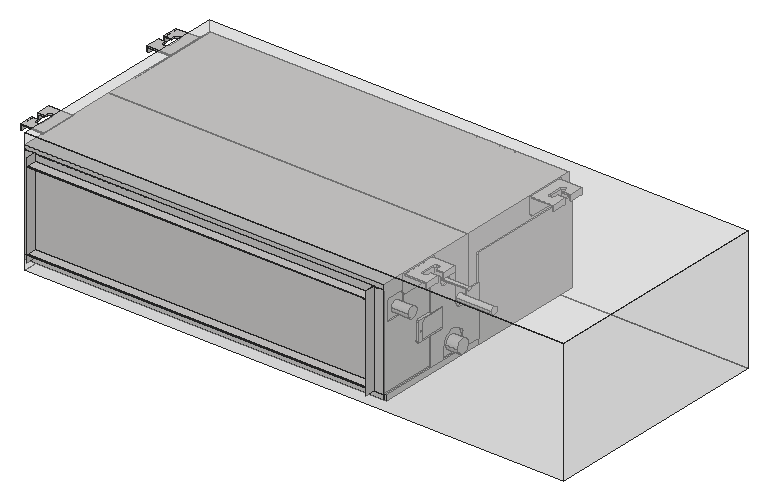
Revit family "outputfile", category 機械設備, Revit 2024
Family settings
  丸型コネクタ寸法 = 半径を使用
  パーツ タイプ = 標準
  OmniClass 番号 = 23.75.10.24.21.27.27
  OmniClass タイトル = Split System Air Conditioning Units
  作業面ベース = いいえ
  常に垂直 = はい
  ロード時にボイドで切り取り = いいえ
  注釈の向きを維持 = いいえ
  共有 = いいえ
  部屋計算ポイント = はい
Parameters (values of type "FXDQ32TV1CA")
  Description = ""
  製造元 = "Daikin"
  書き出し IFC クラス(タイプ) = "IfcUnitaryEquipmentType"
  定義済み IFC タイプ(タイプ) = "AIRCONDITIONINGUNIT"
  Cost = 0
  モデル = "FXDQ32TV1CA"
  Type Comments = ""
  Keynote = ""
  Type Image = (empty or 0)
  Assembly Code = ""
  r_Liquid Pipe Size = Liquid Pipe Size / 2  # 3.2 mm
  r_Gas Pipe Size = Gas Pipe Size / 2  # 6.35 mm
  r_Drain Pipe Size = Drain Pipe Size / 2  # 10.0 mm
  lw_powersuply = 65.0 mm  # constant formula
  lh_suctionflange [instance] = [h***] + 100.5 mm  # 100.5 mm
  lh_mounting = lh_mountinghole + [h***]  # 200.0 mm
  ld_suctionflange [instance] = if(and(Rear Connection_Return Air, Width = 700.0 mm), 94.5 mm, if(and(Rear Connection_Return Air, Width = 900.0 mm), 94.0 mm, if(and(Rear Connection_Return Air, Width = 1100.0 mm), 94.0 mm, 100.5 mm)))  # 94.5 mm
  ld_powersuply = 64.0 mm  # constant formula
  ld_mountinghole_Back = if(Width = 900.0 mm, 169.0 mm, 165.0 mm)  # 165.0 mm
  ld_mountinghole_Front = if(Width = 900.0 mm, 140.0 mm, 144.0 mm)  # 144.0 mm
  ld_RA_below = if(Width = 700.0 mm, 189.0 mm, 188.0 mm)  # 189.0 mm
  ld_RA = if(Width = 700.0 mm, 94.5 mm, 94.0 mm)  # 94.5 mm
  angle_vertical_RA [instance] = if(Rear Connection_Return Air, 90.00°, 0.00°)  # 90.00°
  angle horizontal_RA [instance] = if(Rear Connection_Return Air, 180.00°, 270.00°)  # 180.00°
  Voltage_comment_50Hz = "220-240"
  Voltage_50Hz = 220 V
  URL = ""
  Supply Air Direction [instance] = yes
  Sound Power Level_H speed (dB) = 0
  Rear Connection_Return Air [instance] = not(Bottom Connection_Return Air)  # yes
  Phase_50Hz = 1
  Minimum External Static Pressure = 10.00 Pa
  Minimum Circuit Amps_50Hz = 0.9 A
  Maximum Fuse Amps_50Hz = 15.0 A
  Maximum External Static Pressure = 50.00 Pa
  Material_Casing = DAIKIN_GalvanizedSteel_Casing_indoorunit
  ld_liquidpipe = 142.0 mm  # constant formula
  ld_gaspipe = 181.0 mm  # constant formula
  lw_mountinghole = Width + 52.0 mm  # 752.0 mm
  ld_drainpipe = 28.0 mm  # constant formula
  lh_liquidpipe = 151.0 mm
  lh_gaspipe = 101.0 mm
  lh_mountinghole = 200.0 mm  # constant formula
  lh_drainpipe = 152.0 mm  # constant formula
  h_antenna = Height - lh_mountinghole + 1.0 mm  # 1.0 mm
  h*** = 0.0 mm  # constant formula
  Width = 700.0 mm
  Version = "ver.1.0"
  Unit Type = "Slim Duct (Standard) Type"
  Unit Mass Weight = 18.00 kg
  Unit Designation [instance] = ""
  Uniclass2015Version = "Products v1.30"
  Uniclass2015Title = "Variable refrigerant flow units"
  Uniclass2015Code = "Pr_70_65_03_94"
  Total Heating Capacity [instance] = 0.000 kW
  Total Cooling Capacity [instance] = 0.000 kW
  Sound Pressure Level_M speed (dBA) = 0
  Sound Pressure Level_L speed (dBA) = 28
  Sound Pressure Level_H speed (dBA) = 33
  Series = "VRV Fan Coil Unit"
  Sensible Cooling Capacity [instance] = 0.000 kW
  SA Duct Size Width = if(Width = 900.0 mm, 860.0 mm, if(Width = 1100.0 mm, 1060.0 mm, 660.0 mm))  # 660.0 mm
  SA Duct Size Height = 153.0 mm  # constant formula
  Refrigerant Type = "R410A"
  RA Duct Size Width = if(Width = 900.0 mm, 775.0 mm, if(Width = 1100.0 mm, 975.0 mm, 575.0 mm))  # 575.0 mm
  RA Duct Size Height [instance] = if(Rear Connection_Return Air, 163.0 mm, if(Width = 700.0 mm, 153.0 mm, 152.0 mm))  # 163.0 mm
  Power Input (Heating) = 0.030 kW
  Power Input (Cooling) = 0.040 kW
  Option Accessory 3 [instance] = ""
  Option Accessory 2 [instance] = ""
  Option Accessory 1 [instance] = ""
  Nominal Heating Capacity = 4.000 kW
  Nominal Cooling Capacity = 3.600 kW
  Minimum Airflow = 0.00 m³/h
  Median Airflow = 0.00 m³/h
  Maximum Airflow = 540.00 m³/h
  Load Classification = HVAC
  Liquid Pipe Size = 6.4 mm
  Link_Nested Family [instance] = ""
  IfcVersion = "0"
  IfcExportType = "AIRCONDITIONINGUNIT"
  IfcExportAs = "IfcUnitaryEquipmentType"
  Height = 200.0 mm
  Heating Entering Wet Bulb Temperature [instance] = 0.00 °C
  Heating Entering Dry Bulb Temperature [instance] = 0.00 °C
  Heating Ambient Wet Bulb Temperature [instance] = 0.00 °C
  Heating Ambient Dry Bulb Temperature [instance] = 0.00 °C
  Heat Exchanger Type = "Cross Fin Coil"
  Gas Pipe Size = 12.7 mm
  Frequency_50Hz = 50 Hz
  Fan Type = "Sirocco Fan"
  Fan Drive = "Direct Drive"
  FCU Tag No. [instance] = ""
  Drain Pipe Size = 20.0 mm
  Design Supply Airflow [instance] = 0.00 m³/h
  Design Return Airflow [instance] = 0.00 m³/h
  Design External Static Pressure [instance] = 0.00 Pa
  Depth = 450.0 mm
  既定の高さ = 0.0 mm
  Cooling Entering Wet Bulb Temperature [instance] = 0.00 °C
  Cooling Entering Dry Bulb Temperature [instance] = 0.00 °C
  Cooling Ambient Wet Bulb Temperature [instance] = 0.00 °C
  Cooling Ambient Dry Bulb Temperature [instance] = 0.00 °C
  Clearance visibility [instance] = yes
  Clearance Top = 20.0 mm
  Clearance Right = 350.0 mm
  Clearance Rear = 0.0 mm
  Clearance Left = 0.0 mm
  Clearance Front = 0.0 mm
  Clearance Bottom = 20.0 mm
  Bottom Connection_Return Air [instance] = no
Reference planes
  plane 1 "Center (Front/Back)": y = 0
  plane 2 "Bottom": z = -200
  plane 3 "Center (Left/Right)": x = 0
  plane 4 "Back": y = 225
  plane 5 "Front": y = -225
  plane 6 "Left": x = -350
  plane 7 "Right": x = 350
  plane 8 "Top": z = 0
  plane 9 "BB": y = -20
  plane 10 "condensate water pan": z = -190
  plane 11 "Below": z = -200
  plane 12 "Other components Right": x = 355
  plane 13 "Other components Left": x = 345
  plane 14 "lh_drainpipe": z = -48
  plane 15 "ld_drainpipe": y = -197
  plane 16 "drainpipe": x = 383
  plane 17 "lh_liquidpipe": z = -49
  plane 18 "ld_liquidpipe": y = -83
  plane 19 "ld_gaspipe": y = -44
  plane 20 "lh_gaspipe": z = -99
  plane 21: x = 403
  plane 22: x = 420
  plane 23: x = 374
  plane 24 "w_mountinghole_Left": x = -376
  plane 25 "w_mountinghole_Right": x = 376
  plane 26 "d_mountinghole_Back": y = 165
  plane 27 "d_mountinghole_Front": y = -144
  plane 28 "h_mountinghole": z = 0
  plane 29 "lw_powersuply": x = 285
  plane 30 "ld_powersuply": y = -161
  plane 31 "Clearance Left": x = -350
  plane 32 "Clearance Right": x = 700
  plane 33 "Clearance Rear": y = 225
  plane 34 "Clearance Front": y = -225
  plane 35 "Clearance Bottom": z = -220
  plane 36 "Clearance Top": z = 20
  plane 37 "RA": y = 224
  plane 38: z = -199
  plane 39 "RA_d": y = 130.5
  plane 40 "RA_w": x = -51.5
  plane 41 "RA_h": z = -99.5
  plane 42 "SA_h": z = -99
  plane 43 "RA_dd": y = 36
Forms (mm)
  Extrusion 1, solid, material "DAIKIN_GalvanizedSteel_Casing_indoorunit" <- "Material_Casing"
    sketch origin (0, 0, 100) x (0, 1, 0) y (0, 0, 1)
      loop
        line (-20, -100) -> (-20, -300) -> (225, -300) -> (225, -100) -> (-20, -100)
    from -350 to 350
  Extrusion 2, solid, material "DAIKIN_GalvanizedSteel_Casing_indoorunit" <- "Material_Casing"
    sketch origin (0, 0, 100) x (0, 1, 0) y (0, 0, 1)
      loop
        line (-225, -100) -> (-225, -290) -> (-20, -290) -> (-20, -100) -> (-225, -100)
    from -350 to 350
  Extrusion 3, solid, material "DAIKIN_GalvanizedSteel_Casing_indoorunit" <- "Material_Casing"
    sketch origin (0, 0, 100) x (0, 1, 0) y (0, 0, 1)
      loop
        line (-225, -290) -> (-225, -300) -> (-20, -300) -> (-20, -290) -> (-225, -290)
    from -350 to 350
  Extrusion 4, solid, material "DAIKIN_GalvanizedSteel_Casing_indoorunit" <- "Material_Casing"
    sketch origin (0, 0, 0) x (0, 1, 0) y (0, 0, 1)
      loop
        arc (2, -40) -> (-0.121, -40.879) -> (-1, -43) r 3
        line (-1, -43) -> (-1, -197)
        arc (-1, -197) -> (-0.121, -199.121) -> (2, -200) r 3
        line (2, -200) -> (225, -200) -> (225, -40) -> (2, -40)
    from 350 to 355
  Extrusion 5, solid, material "DAIKIN_GalvanizedSteel_Casing_indoorunit" <- "Material_Casing"
    sketch origin (620, 0, 0) x (0, 1, 0) y (0, 0, 1)
      loop
        line (-225, -190) -> (-225, -200) -> (-2, -200) -> (-2, -193)
        arc (-2, -193) -> (-2.879, -190.879) -> (-5, -190) r 3
        line (-5, -190) -> (-225, -190)
    from -270 to -265
  Extrusion 6, void
    sketch origin (0, 0, 0) x (0, 1, 0) y (0, 0, 1)
      loop
        arc (-145.64, -94.17) -> (-147.761, -95.049) -> (-148.64, -97.17) r 3
        line (-148.64, -97.17) -> (-148.64, -131.17)
        arc (-148.64, -131.17) -> (-147.761, -133.291) -> (-145.64, -134.17) r 3
        line (-145.64, -134.17) -> (-91.78, -134.17)
        arc (-91.78, -134.17) -> (-89.659, -133.291) -> (-88.78, -131.17) r 3
        line (-88.78, -131.17) -> (-88.78, -97.17)
        arc (-88.78, -97.17) -> (-89.659, -95.049) -> (-91.78, -94.17) r 3
        line (-91.78, -94.17) -> (-145.64, -94.17)
    from 345 to 355
  Extrusion 7, void
    sketch origin (460, 0, 0) x (0, 1, 0) y (0, 0, 1)
      loop
        arc (-212.95, -27.05) -> (-216.486, -28.514) -> (-217.95, -32.05) r 5
        line (-217.95, -32.05) -> (-217.95, -63.95)
        arc (-217.95, -63.95) -> (-216.486, -67.486) -> (-212.95, -68.95) r 5
        line (-212.95, -68.95) -> (-181.05, -68.95)
        arc (-181.05, -68.95) -> (-177.514, -67.486) -> (-176.05, -63.95) r 5
        line (-176.05, -63.95) -> (-176.05, -32.05)
        arc (-176.05, -32.05) -> (-177.514, -28.514) -> (-181.05, -27.05) r 5
        line (-181.05, -27.05) -> (-212.95, -27.05)
    from -115 to -105
  Extrusion 8, solid, material "DAIKIN_GalvanizedSteel_Casing_indoorunit" <- "Material_Casing"
    sketch origin (700, 0, 0) x (0, 1, 0) y (0, 0, 1)
      loop
        line (-116.823, -42) -> (-116.823, -190) -> (-87.438, -190) -> (-87.438, -167.881)
        arc (-87.438, -167.881) -> (-62.998, -143.441) -> (-38.558, -167.881) r 24.44
        line (-38.558, -167.881) -> (-38.558, -190) -> (-1, -190) -> (-1, -92.773) -> (-27.497, -92.773)
        arc (-27.497, -92.773) -> (-28.911, -93.359) -> (-29.497, -94.773) r 2
        line (-29.497, -94.773) -> (-29.497, -99)
        arc (-29.497, -99) -> (-43.997, -113.5) -> (-58.497, -99) r 14.5
        line (-58.497, -99) -> (-58.497, -42.3)
        arc (-58.497, -42.3) -> (-59.171, -40.674) -> (-60.797, -40) r 2.3
        line (-60.797, -40) -> (-69, -40)
        arc (-69, -40) -> (-70.414, -40.586) -> (-71, -42) r 2
        line (-71, -42) -> (-71, -49)
        arc (-71, -49) -> (-83, -61) -> (-95, -49) r 12
        line (-95, -49) -> (-95, -42)
        arc (-95, -42) -> (-95.586, -40.586) -> (-97, -40) r 2
        line (-97, -40) -> (-114.823, -40)
        arc (-114.823, -40) -> (-116.237, -40.586) -> (-116.823, -42) r 2
    from -350 to -345
  Extrusion 9, solid, material "DAIKIN_GalvanizedSteel_Casing_indoorunit" <- "Material_Casing"
    sketch origin (0, 0, 0) x (0, 1, 0) y (0, 0, 1)
      loop
        line (-91.78, -95.17) -> (-145.64, -95.17)
        arc (-145.64, -95.17) -> (-147.054, -95.756) -> (-147.64, -97.17) r 2
        line (-147.64, -97.17) -> (-147.64, -131.17)
        arc (-147.64, -131.17) -> (-147.054, -132.584) -> (-145.64, -133.17) r 2
        line (-145.64, -133.17) -> (-91.78, -133.17)
        arc (-91.78, -133.17) -> (-90.366, -132.584) -> (-89.78, -131.17) r 2
        line (-89.78, -131.17) -> (-89.78, -97.17)
        arc (-89.78, -97.17) -> (-90.366, -95.756) -> (-91.78, -95.17) r 2
    from 345 to 355
  Extrusion 10, solid, material "DAIKIN_GalvanizedSteel_Casing_indoorunit" <- "Material_Casing"
    sketch origin (0, 0, 0) x (0, 1, 0) y (0, 0, 1)
      loop
        line (-89.78, -97.67) -> (-136.14, -97.67) -> (-136.14, -130.67) -> (-89.78, -130.67) -> (-89.78, -97.67)
      loop
        circle (-142.64, -114.17) r 1.5
    from 350 to 355
  Extrusion 11, solid, material "DAIKIN_GalvanizedSteel_Casing_indoorunit" <- "Material_Casing"
    sketch origin (0, 0, 0) x (0, 1, 0) y (0, 0, 1)
      loop
        circle (-197, -48) r 10
    from 350 to 383
  Extrusion 12, solid, material "DAIKIN_GalvanizedSteel_Casing_indoorunit" <- "Material_Casing"
    sketch origin (0, 0, 0) x (0, 1, 0) y (0, 0, 1)
      loop
        circle (-83, -49) r 3.2
    from 350 to 403
  Extrusion 13, solid, material "DAIKIN_GalvanizedSteel_Casing_indoorunit" <- "Material_Casing"
    sketch origin (0, 0, 0) x (0, 1, 0) y (0, 0, 1)
      loop
        circle (-44, -99) r 6.35
    from 350 to 420
  Extrusion 14, solid, material "DAIKIN_GalvanizedSteel_Casing_indoorunit" <- "Material_Casing"
    sketch origin (0, 0, 0) x (0, 1, 0) y (0, 0, 1)
      loop
        circle (-62.998, -169) r 13
    from 350 to 374
  Extrusion 15, void
    sketch origin (0, 0, 0) x (1, 0, 0) y (0, 0, 1)
      loop
        line (246, -1) -> (-349, -1) -> (-349, -200) -> (246, -200) -> (246, -1)
    from -225 to -36
  Extrusion 16, solid, material "DAIKIN_GalvanizedSteel_Casing_indoorunit" <- "Material_Casing", visible <- "Bottom Connection_Return Air"
    sketch origin (0, 0, 0) x (1, 0, 0) y (0, 0, 1)
      loop
        line (246, -1) -> (-349, -1) -> (-349, -200) -> (246, -200) -> (246, -1)
    from -225 to -224
  Extrusion 17, solid, material "DAIKIN_GalvanizedSteel_Casing_indoorunit" <- "Material_Casing", visible <- "Rear Connection_Return Air"
    sketch origin (0, 0, 0) x (1, 0, 0) y (0, 1, 0)
      loop
        line (-349, 36) -> (246, 36) -> (246, 225) -> (-349, 225) -> (-349, 36)
    from -200 to -199
Cuts and joins
  Extrusion 6, Extrusion 7 cuts Extrusion 2
  Extrusion 6 cuts Extrusion 8
  Extrusion 15 cuts Extrusion 1
Dimensions and locks
  locked: plane 9 "BB" to plane 1 "Center (Front/Back)" at 20
  equal spacing: plane 4 "Back", plane 1 "Center (Front/Back)", plane 5 "Front"
  "Depth": plane 4 "Back" to plane 5 "Front"
  plane 9 "BB" to plane 4 "Back" = 245.0 mm
  plane 5 "Front" to plane 9 "BB" = 205.0 mm
  equal spacing: plane 6 "Left", plane 3 "Center (Left/Right)", plane 7 "Right"
  "Width": plane 6 "Left" to plane 7 "Right"
  locked: plane 1 "Center (Front/Back)" to plane 9 "BB" at 20
  "h***": plane 11 "Below" to plane 2 "Bottom"
  locked: plane 10 "condensate water pan" to plane 11 "Below" at 10
  "Height": plane 8 "Top" to plane 11 "Below"
  locked: Extrusion 4 sketch curve to plane 4 "Back" at 226
  locked: Extrusion 4 sketch curve to plane 11 "Below" at 160
  locked: plane 7 "Right" to plane 12 "Other components Right" at 5
  locked: plane 13 "Other components Left" to plane 7 "Right" at 5
  "lh_drainpipe": plane 14 "lh_drainpipe" to plane 11 "Below"
  plane 5 "Front" to plane 15 "ld_drainpipe" = 28.0 mm
  "ld_drainpipe": plane 15 "ld_drainpipe" to plane 5 "Front"
  locked: plane 7 "Right" to plane 16 "drainpipe" at 33
  "lh_liquidpipe": plane 17 "lh_liquidpipe" to plane 11 "Below"
  "ld_liquidpipe": plane 18 "ld_liquidpipe" to plane 5 "Front"
  "ld_gaspipe": plane 19 "ld_gaspipe" to plane 5 "Front"
  plane 5 "Front" to plane 18 "ld_liquidpipe" = 142.0 mm
  plane 5 "Front" to plane 19 "ld_gaspipe" = 181.0 mm
  "lh_gaspipe": plane 20 "lh_gaspipe" to plane 11 "Below"
  locked: plane 7 "Right" to plane 21 at 53
  locked: plane 7 "Right" to plane 22 at 70
  locked: plane 7 "Right" to plane 23 at 24
  equal spacing: plane 24 "w_mountinghole_Left", plane 3 "Center (Left/Right)", plane 25 "w_mountinghole_Right"
  "lw_mountinghole": plane 24 "w_mountinghole_Left" to plane 25 "w_mountinghole_Right"
  plane 26 "d_mountinghole_Back" to plane 27 "d_mountinghole_Front" = 309.0 mm
  "lh_mountinghole": plane 28 "h_mountinghole" to plane 11 "Below"
  "lw_powersuply": plane 29 "lw_powersuply" to plane 7 "Right"
  "ld_powersuply": plane 5 "Front" to plane 30 "ld_powersuply"
  "Clearance Rear": plane 33 "Clearance Rear" to plane 4 "Back"
  "Clearance Front": plane 5 "Front" to plane 34 "Clearance Front"
  "Clearance Bottom": plane 11 "Below" to plane 35 "Clearance Bottom"
  "Clearance Top": plane 36 "Clearance Top" to plane 8 "Top"
  "Clearance Left": plane 31 "Clearance Left" to plane 6 "Left"
  "Clearance Right": plane 7 "Right" to plane 32 "Clearance Right"
  locked: cut or joined group of Extrusion 1, Extrusion 15 to plane 6 "Left" at 1
  locked: plane 7 "Right" to cut or joined group of Extrusion 1, Extrusion 15 at 104
  locked: plane 4 "Back" to plane 37 "RA" at 1
  locked: plane 6 "Left" to Extrusion 17 sketch curve at 1
  locked: Extrusion 17 sketch curve to plane 7 "Right" at 104
  locked: plane 38 to plane 11 "Below" at 1
  locked: plane 40 "RA_w" to plane 3 "Center (Left/Right)" at 51.5
  "ld_RA": plane 39 "RA_d" to plane 4 "Back"
  locked: plane 11 "Below" to plane 41 "RA_h" at 100.5
  locked: plane 11 "Below" to plane 42 "SA_h" at 101
  "ld_mountinghole_Back": plane 26 "d_mountinghole_Back" to plane 1 "Center (Front/Back)"
  "ld_mountinghole_Front": plane 27 "d_mountinghole_Front" to plane 1 "Center (Front/Back)"
  "ld_RA_below": plane 4 "Back" to plane 43 "RA_dd"
  "r_Liquid Pipe Size": radius of Extrusion 12 sketch curve
  "r_Gas Pipe Size": radius of Extrusion 13 sketch curve
  "r_Drain Pipe Size": radius of Extrusion 11 sketch curve
  aligned and locked: Extrusion 1 sketch curve to plane 8 "Top"
  aligned and locked: Extrusion 1 sketch curve to plane 9 "BB"
  aligned and locked: Extrusion 1 sketch curve to plane 4 "Back"
  aligned and locked: Extrusion 2 sketch curve to plane 9 "BB"
  aligned and locked: Extrusion 2 sketch curve to plane 8 "Top"
  aligned and locked: plane 5 "Front" to Extrusion 2 sketch curve
  aligned and locked: Extrusion 1 to plane 6 "Left"
  aligned and locked: plane 7 "Right" to Extrusion 1
  aligned and locked: Extrusion 2 to plane 6 "Left"
  aligned and locked: plane 7 "Right" to Extrusion 2
  aligned and locked: plane 10 "condensate water pan" to Extrusion 2 sketch curve
  aligned and locked: Extrusion 3 sketch curve to plane 10 "condensate water pan"
  aligned and locked: plane 5 "Front" to Extrusion 3 sketch curve
  aligned and locked: plane 9 "BB" to Extrusion 3 sketch curve
  aligned and locked: Extrusion 3 to plane 6 "Left"
  aligned and locked: plane 7 "Right" to Extrusion 3
  aligned and locked: plane 11 "Below" to Extrusion 3
  aligned and locked: Extrusion 1 to plane 11 "Below"
  aligned and locked: plane 11 "Below" to Extrusion 4 sketch curve
  aligned and locked: Extrusion 4 sketch curve to plane 4 "Back"
  aligned and locked: Extrusion 4 to plane 7 "Right"
  aligned and locked: plane 12 "Other components Right" to Extrusion 4
  aligned and locked: Extrusion 5 sketch curve to plane 10 "condensate water pan"
  aligned and locked: plane 5 "Front" to Extrusion 5 sketch curve
  aligned and locked: plane 11 "Below" to Extrusion 5 sketch curve
  aligned and locked: Extrusion 5 to plane 7 "Right"
  aligned and locked: plane 12 "Other components Right" to Extrusion 5
  aligned and locked: Extrusion 8 to plane 7 "Right"
  aligned and locked: plane 12 "Other components Right" to Extrusion 8
  aligned and locked: Extrusion 6 to plane 13 "Other components Left"
  aligned and locked: Extrusion 7 to plane 13 "Other components Left"
  aligned and locked: plane 12 "Other components Right" to Extrusion 7
  aligned and locked: plane 12 "Other components Right" to Extrusion 6
  aligned and locked: Extrusion 10 to plane 7 "Right"
  aligned and locked: Extrusion 9 to plane 13 "Other components Left"
  aligned and locked: plane 16 "drainpipe" to Extrusion 11
  aligned and locked: Extrusion 11 to plane 7 "Right"
  aligned and locked: plane 12 "Other components Right" to Extrusion 9
  aligned and locked: plane 12 "Other components Right" to Extrusion 10
  aligned and locked: Extrusion 12 to plane 7 "Right"
  aligned and locked: plane 21 to Extrusion 12
  aligned and locked: Extrusion 13 sketch curve to plane 19 "ld_gaspipe"
  aligned and locked: plane 20 "lh_gaspipe" to Extrusion 13 sketch curve
  aligned and locked: Extrusion 12 sketch curve to plane 18 "ld_liquidpipe"
  aligned and locked: plane 17 "lh_liquidpipe" to Extrusion 12 sketch curve
  aligned and locked: plane 14 "lh_drainpipe" to Extrusion 11 sketch curve
  aligned and locked: Extrusion 11 sketch curve to plane 15 "ld_drainpipe"
  aligned and locked: Extrusion 13 to plane 7 "Right"
  aligned and locked: plane 22 to Extrusion 13
  aligned and locked: Extrusion 14 to plane 7 "Right"
  aligned and locked: plane 23 to Extrusion 14
  aligned and locked: plane 25 "w_mountinghole_Right" to nested 2
  aligned and locked: nested 2 to plane 26 "d_mountinghole_Back"
  aligned and locked: plane 28 "h_mountinghole" to nested 2
  aligned and locked: plane 27 "d_mountinghole_Front" to nested 3
  aligned and locked: plane 25 "w_mountinghole_Right" to nested 3
  aligned and locked: plane 24 "w_mountinghole_Left" to nested 4
  aligned and locked: plane 26 "d_mountinghole_Back" to nested 4
  aligned and locked: plane 24 "w_mountinghole_Left" to nested 5
  aligned and locked: nested 5 to plane 27 "d_mountinghole_Front"
  aligned and locked: plane 28 "h_mountinghole" to nested 4
  aligned and locked: plane 28 "h_mountinghole" to nested 5
  aligned and locked: plane 28 "h_mountinghole" to nested 3
  aligned and locked: plane 24 "w_mountinghole_Left" to nested 1
  aligned and locked: nested 1 to plane 26 "d_mountinghole_Back"
  aligned and locked: plane 27 "d_mountinghole_Front" to nested 6
  aligned and locked: plane 24 "w_mountinghole_Left" to nested 6
  aligned and locked: nested 7 to plane 25 "w_mountinghole_Right"
  aligned and locked: nested 7 to plane 26 "d_mountinghole_Back"
  aligned and locked: plane 27 "d_mountinghole_Front" to nested 8
  aligned and locked: nested 8 to plane 25 "w_mountinghole_Right"
  aligned and locked: plane 15 "ld_drainpipe" to nested 9
  aligned and locked: plane 7 "Right" to nested 9
  aligned and locked: plane 14 "lh_drainpipe" to nested 9
  aligned and locked: plane 7 "Right" to nested 11
  aligned and locked: plane 7 "Right" to nested 10
  aligned and locked: plane 18 "ld_liquidpipe" to nested 10
  aligned and locked: plane 19 "ld_gaspipe" to nested 11
  aligned and locked: nested 10 to plane 17 "lh_liquidpipe"
  aligned and locked: nested 11 to plane 20 "lh_gaspipe"
  aligned and locked: plane 31 "Clearance Left" to nested 12
  aligned and locked: plane 33 "Clearance Rear" to nested 12
  aligned and locked: plane 34 "Clearance Front" to nested 12
  aligned and locked: nested 12 to plane 32 "Clearance Right"
  aligned and locked: plane 36 "Clearance Top" to nested 12
  aligned and locked: plane 35 "Clearance Bottom" to nested 12
  aligned and locked: nested 13 to plane 29 "lw_powersuply"
  aligned and locked: plane 30 "ld_powersuply" to nested 13
  aligned and locked: nested 13 to plane 20 "lh_gaspipe"
  aligned and locked: plane 3 "Center (Left/Right)" to nested 14
  aligned and locked: plane 1 "Center (Front/Back)" to nested 14
  aligned and locked: plane 1 "Center (Front/Back)" to nested 15
  aligned and locked: nested 15 to plane 11 "Below"
  aligned and locked: plane 3 "Center (Left/Right)" to nested 16
  aligned and locked: plane 3 "Center (Left/Right)" to nested 17
  aligned and locked: plane 8 "Top" to nested 16
  aligned and locked: plane 4 "Back" to Extrusion 15
  aligned and locked: plane 4 "Back" to Extrusion 16
  aligned and locked: Extrusion 16 to plane 37 "RA"
  aligned and locked: Extrusion 17 to plane 11 "Below"
  aligned and locked: plane 38 to Extrusion 17
  aligned and locked: plane 39 "RA_d" to nested 18
  aligned and locked: plane 1 "Center (Front/Back)" to nested 19
  aligned and locked: plane 3 "Center (Left/Right)" to nested 19
  aligned and locked: plane 42 "SA_h" to nested 19
  aligned and locked: nested 16 to plane 37 "RA"
  aligned and locked: nested 16 to plane 4 "Back"
  aligned and locked: nested 17 to plane 38
  aligned and locked: nested 17 to plane 37 "RA"
  aligned and locked: Extrusion 15 to plane 43 "RA_dd"
  aligned and locked: Extrusion 17 sketch curve to plane 43 "RA_dd"
  aligned and locked: level to plane 8 "Top"
Automatic sketch dimensions
  Extrusion 1 sketch curve to plane 10 "condensate water pan" = 10.0 mm
  Extrusion 3 sketch curve to plane 10 "condensate water pan" = 10.0 mm
  Extrusion 4 sketch curve to plane 10 "condensate water pan" = 7.0 mm
  Extrusion 4 sketch curve to plane 1 "Center (Front/Back)" = 2.0 mm
  plane 1 "Center (Front/Back)" to Extrusion 5 sketch curve = 2.0 mm
  Extrusion 5 sketch curve to plane 10 "condensate water pan" = 3.0 mm
  plane 5 "Front" to Extrusion 6 sketch curve = 76.36 mm
  Extrusion 6 sketch curve to Extrusion 6 sketch curve = 3.0 mm  (x3)
  Extrusion 6 sketch curve to Extrusion 6 sketch curve = 53.86 mm
  Extrusion 6 sketch curve to Extrusion 6 sketch curve = 0.0 mm
  plane 10 "condensate water pan" to Extrusion 6 sketch curve = 55.83 mm
  Extrusion 6 sketch curve to Extrusion 6 sketch curve = 34.0 mm
  plane 5 "Front" to Extrusion 7 sketch curve = 7.05 mm
  Extrusion 7 sketch curve to Extrusion 7 sketch curve = 5.0 mm  (x3)
  Extrusion 7 sketch curve to Extrusion 7 sketch curve = 31.9 mm  (x3)
  Extrusion 7 sketch curve to plane 8 "Top" = 68.95 mm
  Extrusion 8 sketch curve to plane 10 "condensate water pan" = 0.0 mm  (x2)
  Extrusion 8 sketch curve to plane 9 "BB" = 96.823 mm
  Extrusion 8 sketch curve to Extrusion 8 sketch curve = 2.0 mm  (x4)
  Extrusion 8 sketch curve to Extrusion 8 sketch curve = 17.823 mm
  Extrusion 8 sketch curve to Extrusion 8 sketch curve = 29.385 mm
  Extrusion 8 sketch curve to Extrusion 8 sketch curve = 12.0 mm
  Extrusion 8 sketch curve to Extrusion 8 sketch curve = 24.44 mm
  Extrusion 8 sketch curve to Extrusion 8 sketch curve = 8.203 mm
  Extrusion 8 sketch curve to plane 9 "BB" = 38.497 mm
  Extrusion 8 sketch curve to Extrusion 8 sketch curve = 14.5 mm
  plane 1 "Center (Front/Back)" to Extrusion 8 sketch curve = 1.0 mm
  Extrusion 8 sketch curve to Extrusion 8 sketch curve = 22.119 mm
  Extrusion 8 sketch curve to Extrusion 8 sketch curve = 68.881 mm
  Extrusion 8 sketch curve to Extrusion 8 sketch curve = 4.227 mm
  Extrusion 8 sketch curve to plane 8 "Top" = 49.0 mm
  Extrusion 8 sketch curve to Extrusion 8 sketch curve = 6.7 mm
  Extrusion 8 sketch curve to Extrusion 8 sketch curve = 7.0 mm
  plane 5 "Front" to Extrusion 9 sketch curve = 79.36 mm
  Extrusion 9 sketch curve to Extrusion 9 sketch curve = 2.0 mm  (x3)
  Extrusion 9 sketch curve to Extrusion 9 sketch curve = 53.86 mm
  Extrusion 9 sketch curve to Extrusion 9 sketch curve = 0.0 mm
  plane 10 "condensate water pan" to Extrusion 9 sketch curve = 56.83 mm
  Extrusion 9 sketch curve to Extrusion 9 sketch curve = 34.0 mm
  plane 5 "Front" to Extrusion 10 sketch curve = 82.36 mm
  Extrusion 10 sketch curve to Extrusion 10 sketch curve = 6.5 mm
  Extrusion 10 sketch curve to Extrusion 10 sketch curve = 46.36 mm
  plane 10 "condensate water pan" to Extrusion 10 sketch curve = 59.33 mm
  Extrusion 10 sketch curve to Extrusion 10 sketch curve = 16.5 mm  (x2)
  Extrusion 14 sketch curve to plane 19 "ld_gaspipe" = 18.998 mm
  plane 10 "condensate water pan" to Extrusion 14 sketch curve = 21.0 mm
  plane 6 "Left" to Extrusion 15 sketch curve = 1.0 mm
  plane 35 "Clearance Bottom" to Extrusion 15 sketch curve = 20.0 mm
  plane 29 "lw_powersuply" to Extrusion 15 sketch curve = 39.0 mm
  Extrusion 15 sketch curve to plane 8 "Top" = 1.0 mm
  plane 6 "Left" to Extrusion 16 sketch curve = 1.0 mm
  Extrusion 16 sketch curve to plane 11 "Below" = 0.0 mm
  plane 29 "lw_powersuply" to Extrusion 16 sketch curve = 39.0 mm
  Extrusion 16 sketch curve to plane 8 "Top" = 1.0 mm
  Extrusion 17 sketch curve to plane 4 "Back" = 0.0 mm
  radius of Extrusion 10 sketch curve = 1.5 mm
  radius of Extrusion 14 sketch curve = 13.0 mm
Nested families
  nested 1: "daikin_mountinghole" at (-376, 165, -200), h_mountinghole <- "lh_mounting", l_antenna <- "h_antenna", Link_Nested Family <- "Link_Nested Family", type "daikin_mountinghole"
    with show yes, l_antenna 1.0 mm, h_mountinghole 200.0 mm, Link_Nested Family ""
  nested 2: "daikin_hangerfixture_FXDQ-TV1C(A)" at (350, 165, 0), type "daikin_hangerfixture_FXDQ-TV1C(A)"
  nested 3: "daikin_hangerfixture_FXDQ-TV1C(A)" at (350, -144, 0), type "daikin_hangerfixture_FXDQ-TV1C(A)"
  nested 4: "daikin_hangerfixture_FXDQ-TV1C(A)" at (-350, 165, 0) x (-1, 0, 0) z (0, 0, 1), type "daikin_hangerfixture_FXDQ-TV1C(A)"
  nested 5: "daikin_hangerfixture_FXDQ-TV1C(A)" at (-350, -144, 0) x (-1, 0, 0) z (0, 0, 1), type "daikin_hangerfixture_FXDQ-TV1C(A)"
  nested 6: "daikin_mountinghole" at (-376, -144, -200), h_mountinghole <- "lh_mounting", l_antenna <- "h_antenna", Link_Nested Family <- "Link_Nested Family", type "daikin_mountinghole"
    with show yes, l_antenna 1.0 mm, h_mountinghole 200.0 mm, Link_Nested Family ""
  nested 7: "daikin_mountinghole" at (376, 165, -200), h_mountinghole <- "lh_mounting", l_antenna <- "h_antenna", Link_Nested Family <- "Link_Nested Family", type "daikin_mountinghole"
    with show yes, l_antenna 1.0 mm, h_mountinghole 200.0 mm, Link_Nested Family ""
  nested 8: "daikin_mountinghole" at (376, -144, -200), h_mountinghole <- "lh_mounting", l_antenna <- "h_antenna", Link_Nested Family <- "Link_Nested Family", type "daikin_mountinghole"
    with show yes, l_antenna 1.0 mm, h_mountinghole 200.0 mm, Link_Nested Family ""
  nested 9: "daikin_connector_rotate2" at (350, -197, -48) x (0, 1, 0) z (0, 0, 1), radius <- "r_Drain Pipe Size", type "daikin_connector_rotate2"
    with radius 10.0 mm, length 33.0 mm, angle_vertical 90.00°, show_face no
  nested 10: "daikin_connector_rotate2" at (350, -83, -49) x (0, 1, 0) z (0, 0, 1), radius <- "r_Liquid Pipe Size", type "daikin_connector_rotate2"
    with radius 3.2 mm, length 53.0 mm, angle_vertical 90.00°, show_face no
  nested 11: "daikin_connector_rotate2" at (350, -44, -99) x (0, 1, 0) z (0, 0, 1), radius <- "r_Gas Pipe Size", type "daikin_connector_rotate2"
    with radius 6.35 mm, length 70.0 mm, angle_vertical 90.00°, show_face no
  nested 12: "daikin_clearancespace" at (175, 0, -99.881), visible <- "Clearance visibility", show <- "Clearance visibility", Link_Nested Family <- "Link_Nested Family", type "daikin_clearancespace"
    with width 1050.0 mm, show yes, height 240.0 mm, depth 450.0 mm, Link_Nested Family ""
  nested 13: "daikin_connector_rotate2" at (285, -161, -99) x (1, 0, 0) z (0, -1, 0), type "daikin_connector_rotate2"
    with radius 10.0 mm, length 101.0 mm, angle_vertical 90.00°, show_face no
  nested 14: "daikin_△_symbolicline" at (0, 0, 200), visible <- "Supply Air Direction", built-in parameter 1001360 <- "Height", type "daikin_△_symbolicline"
    with length 200.0 mm
  nested 15: "daikin_ductflange_FXDQ-TV1C(A)1" at (0, 0, -364.701), width <- "SA Duct Size Width", height <- "SA Duct Size Height", material <- "Material_Casing", type "daikin_ductflange_FXDQ-TV1C(A)1"
    with width 660.0 mm, material DAIKIN_GalvanizedSteel_Casing_indoorunit, height 153.0 mm, depth 20.0 mm
  nested 16: "daikin_ductflange_FXDQ-TV1C(A)2" at (0, 225, -99.5), visible <- "Rear Connection_Return Air", height <- "RA Duct Size Height", width <- "RA Duct Size Width", material <- "Material_Casing", type "daikin_ductflange_FXDQ-TV1C(A)2"
    with width 575.0 mm, material DAIKIN_GalvanizedSteel_Casing_indoorunit, height 163.0 mm, depth 1.0 mm
  nested 17: "daikin_ductflange_FXDQ-TV1C(A)2" at (0, 125.5, -200) x (1, 0, 0) z (0, 1, 0), visible <- "Bottom Connection_Return Air", width <- "RA Duct Size Width", height <- "RA Duct Size Height", type "daikin_ductflange_FXDQ-TV1C(A)2"
    with width 575.0 mm, material DAIKIN_GalvanizedSteel_Casing_indoorunit, height 163.0 mm, depth 1.0 mm
  nested 18: "daikin_connector_rotate3" at (-51.5, 130.5, -99.5), angle_vertical <- "angle_vertical_RA", angle_horizontal <- "angle horizontal_RA", length <- "ld_suctionflange", built-in parameter 1001364 <- "lh_suctionflange", type "daikin_connector_rotate3"
    with show yes, radius 10.0 mm, length 94.5 mm, angle_vertical 90.00°, angle_horizontal 180.00°
  nested 19: "daikin_connector_rotate2" at (0, 0, -99), type "daikin_connector_rotate2"
    with radius 10.0 mm, length 245.0 mm, angle_vertical 90.00°, show_face no
Connectors
  piping at (383, -197, -48), diameter 20, driven by "r_Drain Pipe Size"
    settings: on nested 9, index 1, connector inside diameter 609.6 mm, connector length 0.0 mm, flow factor 0, pipe flow 0.00 m³/h, pressure drop 0.0 Pa, fitting loss kfactor 0, connector angle 0.00°, fixture units 0, engagement length 0.0 mm, angle of deflection 0.00°, flow configuration 1, flow direction 2, fitting loss method 4, system type 16, joint type 0, gender type 0, connector reference index -1, connector utility 0, adjustable connector no, is connector primary yes, connector description "Condensate Drain Piping"
  piping at (420, -44, -99), diameter 12.7, driven by "r_Gas Pipe Size"
    settings: on nested 11, index 2, connector inside diameter 609.6 mm, connector length 0.0 mm, flow factor 0, pipe flow 0.00 m³/h, pressure drop 0.0 Pa, fitting loss kfactor 0, connector angle 0.00°, fixture units 0, engagement length 0.0 mm, angle of deflection 0.00°, flow configuration 1, flow direction 2, fitting loss method 0, system type 29, joint type 0, gender type 0, connector reference index -1, connector utility 0, adjustable connector no, is connector primary no, connector description "Refrigerant Gas Piping"
  piping at (403, -83, -49), diameter 6.4, driven by "r_Liquid Pipe Size"
    settings: on nested 10, index 3, connector inside diameter 609.6 mm, connector length 0.0 mm, flow factor 0, pipe flow 0.00 m³/h, pressure drop 0.0 Pa, fitting loss kfactor 0, connector angle 0.00°, fixture units 0, engagement length 0.0 mm, angle of deflection 0.00°, flow configuration 1, flow direction 1, fitting loss method 0, system type 29, joint type 0, gender type 0, connector reference index -1, connector utility 0, adjustable connector no, is connector primary no, connector description "Refrigerant Liquid Piping"
  electrical at (285, -161, -200), driven by "Load Classification"
    settings: on nested 13, index 4, voltage 0 V, apparent load 0 VA, apparent load phase1 0 VA, apparent load phase2 0 VA, apparent load phase3 0 VA, power factor 1, load classification "HVAC", number of poles 1, system type 30, power factor state 1, is connector primary yes, connector utility no, sub classification motor no, connector description "Power Supply"
  hvac at (-51.5, 225, -99.5), driven by "RA Duct Size Height", driven by "RA Duct Size Width"
    settings: on nested 18, index 5, duct flow 0.00 m³/h, flow factor 0, pres drop 0.00 Pa, loss coef 0, conn angle 0.00°, conn width 575.0 mm, conn height 163.0 mm, conn diameter 609.6 mm, duct sys type 2, conn prof type 1, flow config 0, flow direction 1, loss method 4, conn ref index -1, conn util no, is conn primary yes, conn desc "RA Duct"
  hvac at (0, -245, -99), driven by "SA Duct Size Height", driven by "SA Duct Size Width"
    settings: on nested 19, index 6, duct flow 0.00 m³/h, flow factor 0, pres drop 0.00 Pa, loss coef 0, conn angle 0.00°, conn width 660.0 mm, conn height 153.0 mm, conn diameter 609.6 mm, duct sys type 1, conn prof type 1, flow config 0, flow direction 2, loss method 4, conn ref index -1, conn util no, is conn primary no, conn desc "SA Duct"
Definition of nested family "daikin_hangerfixture_FXDQ-TV1C(A)"
  Parameters (values of type "daikin_hangerfixture_FXDQ-TV1C(A)")
    width = 46.0 mm
    material = none
    height = 35.0 mm
    depth = 70.0 mm
    Default Elevation = 0.0 mm
  Reference planes
    plane 1 "Center (Front/Back)": y = 0
    plane 2: z = 0
    plane 3 "Center (Left/Right)": x = 0
    plane 4: z = -35
    plane 5: y = 35
    plane 6: y = -35
    plane 7: x = 46
    plane 8: z = -2
    plane 9: x = 44
    plane 10: x = 2
    plane 11: x = 26
  Forms (mm)
    Extrusion 1, solid, material <- "material"
      sketch origin (0, 0, 0) x (1, 0, 0) y (0, 1, 0)
        loop
          line (0, 35) -> (0, -35) -> (46, -35) -> (46, -6.5) -> (31.85, -6.5) -> (31.85, -12.15)
          arc (31.85, -12.15) -> (26, -18) -> (20.15, -12.15) r 5.85
          line (20.15, -12.15) -> (20.15, 12.15)
          arc (20.15, 12.15) -> (26, 18) -> (31.85, 12.15) r 5.85
          line (31.85, 12.15) -> (31.85, 6.5) -> (46, 6.5) -> (46, 35) -> (0, 35)
      from -2 to 0
    Extrusion 2, solid, material <- "material"
      sketch origin (0, 0, 0) x (0, 1, 0) y (0, 0, 1)
        loop
          line (35, 0) -> (6.5, 0) -> (6.5, -8)
          arc (6.5, -8) -> (7.379, -10.121) -> (9.5, -11) r 3
          line (9.5, -11) -> (32, -11)
          arc (32, -11) -> (34.121, -10.121) -> (35, -8) r 3
          line (35, -8) -> (35, 0)
        loop
          line (-35, 0) -> (-35, -8)
          arc (-35, -8) -> (-34.121, -10.121) -> (-32, -11) r 3
          line (-32, -11) -> (-9.5, -11)
          arc (-9.5, -11) -> (-7.379, -10.121) -> (-6.5, -8) r 3
          line (-6.5, -8) -> (-6.5, 0) -> (-35, 0)
      from 44 to 46
    Extrusion 3, solid, material <- "material"
      sketch origin (0, 0, 0) x (0, 1, 0) y (0, 0, 1)
        loop
          line (-37.5, 0) -> (-37.5, -30) -> (-32.5, -35) -> (32.5, -35) -> (37.5, -30) -> (37.5, 0) -> (-37.5, 0)
      from 0 to 2
  Cuts and joins
    joined: Extrusion 1, Extrusion 2, Extrusion 3
  Dimensions and locks
    "height": plane 2 to plane 4
    plane 2 to plane 8 = 2.0 mm
    equal spacing: plane 5, plane 1 "Center (Front/Back)", plane 6
    "depth": plane 5 to plane 6
    "width": plane 3 "Center (Left/Right)" to plane 7
    plane 3 "Center (Left/Right)" to plane 11 to plane 7 = 26.0 mm, 20.0 mm
    locked: cut or joined group of Extrusion 1, Extrusion 2, Extrusion 3 to plane 5 at 2.5
    locked: cut or joined group of Extrusion 1, Extrusion 2, Extrusion 3 to plane 6 at 2.5
    aligned and locked: level to plane 2
    aligned and locked: plane 2 to Extrusion 1
    aligned and locked: Extrusion 1 to plane 8
    aligned and locked: plane 7 to Extrusion 2
    aligned and locked: Extrusion 2 to plane 9
    aligned and locked: plane 2 to Extrusion 2
    aligned and locked: plane 4 to Extrusion 3 sketch curve
    aligned and locked: Extrusion 3 sketch curve to plane 2
    aligned and locked: Extrusion 3 to plane 3 "Center (Left/Right)"
    aligned and locked: Extrusion 3 to plane 10
  Automatic sketch dimensions
    Extrusion 1 sketch curve to plane 3 "Center (Left/Right)" = 0.0 mm
    Extrusion 1 sketch curve to plane 7 = 0.0 mm  (x2)
    Extrusion 1 sketch curve to plane 6 = 0.0 mm
    Extrusion 1 sketch curve to plane 5 = 0.0 mm
    plane 3 "Center (Left/Right)" to Extrusion 1 sketch curve = 20.15 mm
    Extrusion 1 sketch curve to Extrusion 1 sketch curve = 5.85 mm  (x2)
    plane 1 "Center (Front/Back)" to Extrusion 1 sketch curve = 12.15 mm
    Extrusion 1 sketch curve to Extrusion 1 sketch curve = 5.65 mm  (x2)
    Extrusion 1 sketch curve to plane 1 "Center (Front/Back)" = 6.5 mm
    Extrusion 2 sketch curve to level = 0.0 mm  (x2)
    Extrusion 2 sketch curve to plane 6 = 0.0 mm
    Extrusion 2 sketch curve to Extrusion 2 sketch curve = 3.0 mm  (x2)
    plane 1 "Center (Front/Back)" to Extrusion 2 sketch curve = 9.5 mm
    plane 1 "Center (Front/Back)" to Extrusion 2 sketch curve = 6.5 mm
    Extrusion 2 sketch curve to plane 1 "Center (Front/Back)" = 6.5 mm
    Extrusion 2 sketch curve to plane 5 = 3.0 mm
    Extrusion 2 sketch curve to plane 5 = 0.0 mm
    Extrusion 2 sketch curve to plane 8 = 6.0 mm  (x2)
    Extrusion 3 sketch curve to Extrusion 3 sketch curve = 5.0 mm  (x2)
    plane 4 to Extrusion 3 sketch curve = 5.0 mm  (x2)
    Extrusion 3 sketch curve to plane 6 = 2.5 mm
    Extrusion 3 sketch curve to plane 5 = 2.5 mm
Definition of nested family "daikin_clearancespace"
  Parameters (values of type "daikin_clearancespace")
    width [instance] = 1823.963 mm
    show [instance] = yes
    material = none
    height [instance] = 1359.762 mm
    depth [instance] = 880.0 mm
    Default Elevation = 0.0 mm
    Link_Nested Family [instance] = ""
  Reference planes
    plane 1 "Center (Front/Back)": y = 0
    plane 2 "Center (Elevation)": z = -0.119
    plane 3 "Center (Left/Right)": x = 0
    plane 4: y = 440
    plane 5: y = -440
    plane 6 "Right": x = 911.982
    plane 7 "Left": x = -911.982
    plane 8 "Top": z = 679.762
    plane 9 "Bottom": z = -680
  Forms (mm)
    Extrusion 1, solid, material <- "material", visible <- "show"
      sketch origin (0, 0, 0) x (1, 0, 0) y (0, 1, 0)
        loop
          line (-911.982, 440) -> (-911.982, -440) -> (911.982, -440) -> (911.982, 440) -> (-911.982, 440)
      from -680 to 679.762
  Lines and regions (mm)
    symbolic lines, visible <- "show"
      curve 1: line (911.982, 440, 0) -> (-911.982, 440, 0)
      curve 2: line (-911.982, 440, 0) -> (-911.982, -440, 0)
      curve 3: line (-911.982, -440, 0) -> (911.982, -440, 0)
      curve 4: line (911.982, -440, 0) -> (911.982, 440, 0)
      curve 5: line (911.982, 0, 679.762) -> (-911.982, 0, 679.762)
      curve 6: line (911.982, 0, -680) -> (911.982, 0, 679.762)
      curve 7: line (-911.982, 0, -680) -> (911.982, 0, -680)
      curve 8: line (-911.982, 0, 679.762) -> (-911.982, 0, -680)
      curve 9: line (0, 440, 679.762) -> (0, -440, 679.762)
      curve 10: line (0, -440, 679.762) -> (0, -440, -680)
      curve 11: line (0, 440, -680) -> (0, 440, 679.762)
      curve 12: line (0, -440, -680) -> (0, 440, -680)
  Dimensions and locks
    "width": plane 7 "Left" to plane 6 "Right"
    "depth": plane 4 to plane 5
    "height": plane 8 "Top" to plane 9 "Bottom"
    equal spacing: plane 7 "Left", plane 3 "Center (Left/Right)", plane 6 "Right"
    equal spacing: plane 4, plane 1 "Center (Front/Back)", plane 5
    equal spacing: plane 8 "Top", plane 2 "Center (Elevation)", plane 9 "Bottom"
    aligned and locked: level to plane 2 "Center (Elevation)"
    aligned and locked: Extrusion 1 sketch curve to plane 4
    aligned and locked: plane 7 "Left" to Extrusion 1 sketch curve
    aligned and locked: Extrusion 1 sketch curve to plane 5
    aligned and locked: Extrusion 1 sketch curve to plane 6 "Right"
    aligned and locked: plane 8 "Top" to Extrusion 1
    aligned and locked: curve 1 to Extrusion 1
    aligned and locked: curve 2 to Extrusion 1
    aligned and locked: curve 3 to Extrusion 1
    aligned and locked: curve 4 to Extrusion 1
    aligned and locked: curve 5 to Extrusion 1
    aligned and locked: curve 6 to Extrusion 1
    aligned and locked: curve 7 to Extrusion 1
    aligned and locked: curve 8 to Extrusion 1
    aligned and locked: curve 9 to Extrusion 1
    aligned and locked: curve 10 to Extrusion 1
    aligned and locked: curve 11 to Extrusion 1
    aligned and locked: curve 12 to Extrusion 1
    aligned and locked: Extrusion 1 to plane 9 "Bottom"
Definition of nested family "daikin_ductflange_FXDQ-TV1C(A)1"
  Parameters (values of type "daikin_ductflange_FXDQ-TV1C(A)1")
    width [instance] = 660.0 mm
    material [instance] = none
    height [instance] = 160.0 mm
    h*** = 100.0 mm
    depth [instance] = 20.0 mm
    Default Elevation = 0.0 mm
  Reference planes
    plane 1 "Center (Front/Back)": y = 0
    plane 2: z = 189.201
    plane 3 "Center (Left/Right)": x = 0
    plane 4: y = -225
    plane 5: x = -330
    plane 6: x = 330
    plane 7: y = -245
    plane 8: z = 189.201
    plane 9: z = 349.201
    plane 10: z = 269.201
    plane 11: z = 363.701
    plane 12: z = 164.701
  Forms (mm)
    Extrusion 1, solid, material <- "material"
      sketch origin (0, 0, -1) x (0, 1, 0) y (0, 0, 1)
        loop
          line (-225, 350.201) -> (-225, 364.701) -> (-226, 364.701) -> (-226, 351.201) -> (-245, 351.201) -> (-245, 350.201) -> (-225, 350.201)
        loop
          line (-225, 190.201) -> (-245, 190.201) -> (-245, 189.201) -> (-226, 189.201) -> (-226, 175.701) -> (-225, 175.701) -> (-225, 190.201)
      from -330 to 330
    Extrusion 2, solid, material <- "material"
      sketch origin (0, 0, 188.201) x (1, 0, 0) y (0, 1, 0)
        loop
          line (330, -225) -> (330, -245) -> (331, -245) -> (331, -226) -> (350, -226) -> (350, -225) -> (330, -225)
        loop
          line (-330, -225) -> (-350, -225) -> (-350, -226) -> (-331, -226) -> (-331, -245) -> (-330, -245) -> (-330, -225)
      from -13.5 to 175.5
  Dimensions and locks
    equal spacing: plane 6, plane 3 "Center (Left/Right)", plane 5
    "width": plane 6 to plane 5
    locked: plane 6 to Extrusion 2 sketch curve at 20
    locked: Extrusion 2 sketch curve to plane 5 at 20
    "height": plane 9 to plane 8
    equal spacing: plane 9, plane 10, plane 8
    "depth": plane 4 to plane 7
    plane 4 to plane 1 "Center (Front/Back)" = 225.0 mm
    locked: Extrusion 1 sketch curve to plane 9 at 14.5
    locked: plane 8 to Extrusion 1 sketch curve at 14.5
    locked: plane 11 to plane 9 at 14.5
    aligned and locked: level to plane 2
    aligned and locked: Extrusion 1 to plane 5
    aligned and locked: Extrusion 1 to plane 9
    aligned and locked: plane 6 to Extrusion 1
    aligned and locked: plane 5 to Extrusion 1  (x2)
    aligned and locked: Extrusion 2 sketch curve to plane 6
    aligned and locked: plane 7 to Extrusion 2 sketch curve
    aligned and locked: Extrusion 2 to Extrusion 1
    aligned and locked: Extrusion 1 to Extrusion 2
    aligned and locked: plane 9 to Extrusion 1
    aligned and locked: plane 8 to Extrusion 1
    aligned and locked: plane 9 to Extrusion 1 sketch curve
    aligned and locked: Extrusion 1 sketch curve to plane 8
  Automatic sketch dimensions
    Extrusion 1 sketch curve to plane 7 = 0.0 mm  (x2)
    Extrusion 1 sketch curve to plane 4 = 0.0 mm  (x2)
    Extrusion 1 sketch curve to plane 4 = 1.0 mm  (x2)
    Extrusion 1 sketch curve to level = 1.0 mm
    Extrusion 2 sketch curve to plane 4 = 0.0 mm  (x2)
    Extrusion 2 sketch curve to plane 7 = 0.0 mm
    Extrusion 2 sketch curve to plane 5 = 0.0 mm
    Extrusion 2 sketch curve to plane 5 = 1.0 mm
    Extrusion 2 sketch curve to Extrusion 2 sketch curve = 1.0 mm
    Extrusion 2 sketch curve to plane 4 = 1.0 mm  (x2)
    plane 9 to Extrusion 1 sketch curve = 1.0 mm
Definition of nested family "daikin_ductflange_FXDQ-TV1C(A)2"
  Parameters (values of type "daikin_ductflange_FXDQ-TV1C(A)2")
    width [instance] = 575.0 mm
    material [instance] = none
    height [instance] = 163.0 mm
    depth [instance] = 1.0 mm
    Default Elevation = 0.0 mm
  Reference planes
    plane 1 "Center (Front/Back)": y = 0
    plane 2: z = 0
    plane 3 "Center (Left/Right)": x = 0
    plane 4: z = 81.5
    plane 5: z = -81.5
    plane 6: y = -1
    plane 7: x = -350
    plane 8: x = 350
    plane 9: x = 247
    plane 10: x = 241
    plane 11: x = -344
    plane 12: x = 236
    plane 13: x = -339
    plane 14: x = -51.5
    plane 15: z = 99.5
  Forms (mm)
    Extrusion 1, solid, material <- "material"
      sketch origin (0, 0, 0) x (1, 0, 0) y (0, 0, 1)
        loop
          line (-339, 81.5) -> (-339, -81.5) -> (236, -81.5) -> (236, 81.5) -> (-339, 81.5)
        loop
          line (-349, -99.5) -> (246, -99.5) -> (246, 98.5) -> (-349, 98.5) -> (-349, -99.5)
      from 0 to 1
  Dimensions and locks
    "depth": plane 6 to plane 1 "Center (Front/Back)"
    locked: plane 10 to plane 8 at 109
    locked: plane 11 to plane 10 at 585
    plane 13 to plane 7 = 11.0 mm
    plane 9 to plane 12 = 11.0 mm
    locked: plane 14 to plane 3 "Center (Left/Right)" at 51.5
    equal spacing: plane 13, plane 14, plane 12
    "width": plane 13 to plane 12
    locked: plane 15 to plane 4 at 18
    equal spacing: plane 4, plane 2, plane 5
    "height": plane 4 to plane 5
    equal spacing: plane 7, plane 3 "Center (Left/Right)", plane 8
    plane 7 to plane 8 = 700.0 mm
    locked: Extrusion 1 sketch curve to plane 7 at 1
    locked: plane 9 to Extrusion 1 sketch curve at 1
    locked: Extrusion 1 sketch curve to plane 4 at 17
    locked: plane 5 to Extrusion 1 sketch curve at 18
    aligned and locked: level to plane 2
    aligned and locked: Extrusion 1 to plane 1 "Center (Front/Back)"
    aligned and locked: Extrusion 1 to plane 6
    aligned and locked: plane 13 to Extrusion 1 sketch curve
    aligned and locked: Extrusion 1 sketch curve to plane 12
  Automatic sketch dimensions
    Extrusion 1 sketch curve to plane 5 = 0.0 mm
    Extrusion 1 sketch curve to plane 4 = 0.0 mm
Definition of nested family "daikin_connector_rotate3"
  Parameters (values of type "daikin_connector_rotate3")
    Default Elevation = 1219.2 mm
    show [instance] = yes
    radius [instance] = 10.0 mm
    length [instance] = 600.0 mm
    angle_horizontal [instance] = 60.00°
    angle_vertical [instance] = 90.00°
  Reference planes
    plane 1 "Center (Front/Back)": y = 0
    plane 2: z = 0
    plane 3 "Center (Left/Right)": x = 0
  Dimensions and locks
    "angle_horizontal": angle plane 3 "Center (Left/Right)" to nested 1
    aligned and locked: level to plane 2
    aligned and locked: plane 1 "Center (Front/Back)" to nested 1  (x2)
    aligned and locked: plane 3 "Center (Left/Right)" to nested 1
  Nested families
    nested 1: "daikin_connector_rotate2" at (0, 0, 0) x (0.5, 0.866, 0) z (0, 0, 1), angle_vertical <- "angle_vertical", length <- "length", radius <- "radius", type "daikin_connector_rotate2"
      with radius 10.0 mm, length 600.0 mm, angle_vertical 90.00°
  Definition of nested family "daikin_connector_rotate2"
    Parameters (values of type "daikin_connector_rotate2")
      show_face = yes
      radius [instance] = 10.0 mm
      length [instance] = 600.0 mm
      d_surface = 10.0 mm
      angle_vertical [instance] = 90.00°
      Default Elevation = 0.0 mm
    Reference planes
      plane 1 "Center (Front/Back)": y = 0
      plane 2: z = 0
      plane 3 "Center (Left/Right)": x = 0
    Forms (mm)
      Extrusion 1, solid, visible <- "show_face"
        sketch origin (0, -600, 0) x (1, 0, 0) y (0, 0, 1)
          loop
            circle (0, 0) r 10
        from 0 to -10
    Lines and regions (mm)
      reference lines
        curve 1: line (0, 0, 0) -> (0, -600, 0)
      symbolic lines
        curve 2: circle (0, 0, 0) r 5 normal (0, 0, 1)
      model lines, visible <- "show_face"
        curve 3: line (0, 0, 0) -> (0, -600, 0)
    Dimensions and locks
      "length": curve 1 to curve 1
      "length": curve 3 to curve 3
      "d_surface": Extrusion 1 to Extrusion 1
      "radius": radius of Extrusion 1 sketch curve
      "angle_vertical": angle curve 1 to plane 1 "Center (Front/Back)"
      "angle_vertical": angle curve 3 to plane 1 "Center (Front/Back)"
      aligned and locked: level to plane 2
      aligned and locked: plane 1 "Center (Front/Back)" to curve 1
      aligned and locked: plane 2 to curve 1
      aligned and locked: plane 1 "Center (Front/Back)" to curve 2
      aligned and locked: plane 3 "Center (Left/Right)" to curve 2
      aligned and locked: plane 1 "Center (Front/Back)" to curve 3
      aligned and locked: plane 2 to curve 3
      aligned and locked: Extrusion 1 to Extrusion 1
    Automatic sketch dimensions
      Extrusion 1 sketch curve to level = 0.0 mm
      Extrusion 1 sketch curve to plane 3 "Center (Left/Right)" = 0.0 mm
      radius of curve 2 = 5.0 mm
Definition of nested family "daikin_mountinghole"
  Parameters (values of type "daikin_mountinghole")
    Default Elevation = 1219.2 mm
    Type Comments = "mountinghole"
    show [instance] = yes
    material = none
    l_centerline = 100.0 mm
    l_antenna [instance] = 100.0 mm
    h_mountinghole [instance] = 0.0 mm
    d_circle = 30.0 mm
    Link_Nested Family [instance] = ""
  Reference planes
    plane 1 "Center (Front/Back)": y = 0
    plane 2: z = 0
    plane 3 "Center (Left/Right)": x = 0
    plane 4: y = 50
    plane 5: x = -50
    plane 6: x = 50
    plane 7: y = -50
    plane 8 "h_mountinghole": z = 0
    plane 9: z = 100
  Lines and regions (mm)
    model lines, detail levels fine
      curve 1: circle (0, 0, 0) r 15 normal (0, 0, 1)
      curve 2: line (-50, 0, 0) -> (50, 0, 0)
      curve 3: line (0, 50, 0) -> (0, -50, 0)
    symbolic lines, detail levels fine
      curve 4: circle (0, 0, 0) r 15 normal (0, 0, 1)
      curve 5: line (-50, 0, 0) -> (50, 0, 0)
      curve 6: line (0, 50, 0) -> (0, -50, 0)
    model lines
      curve 7: line (0, 0, 100) -> (0, 0, 0)
  Dimensions and locks
    equal spacing: plane 4, plane 1 "Center (Front/Back)", plane 7
    "l_centerline": plane 4 to plane 7
    equal spacing: plane 5, plane 3 "Center (Left/Right)", plane 6
    "l_centerline": plane 5 to plane 6
    "l_antenna": plane 9 to plane 8 "h_mountinghole"
    "h_mountinghole": plane 8 "h_mountinghole" to plane 2
    "d_circle": diameter of curve 1
    "d_circle": diameter of curve 4
    aligned and locked: level to plane 2
    aligned and locked: plane 1 "Center (Front/Back)" to curve 1
    aligned and locked: plane 3 "Center (Left/Right)" to curve 1
    aligned and locked: plane 1 "Center (Front/Back)" to curve 2
    aligned and locked: curve 3 to plane 3 "Center (Left/Right)"
    aligned and locked: plane 6 to curve 2
    aligned and locked: plane 5 to curve 2
    aligned and locked: plane 4 to curve 3
    aligned and locked: plane 7 to curve 3
    aligned and locked: plane 1 "Center (Front/Back)" to curve 4
    aligned and locked: plane 3 "Center (Left/Right)" to curve 4
    aligned and locked: plane 6 to curve 5
    aligned and locked: plane 5 to curve 5
    aligned and locked: plane 1 "Center (Front/Back)" to curve 5
    aligned and locked: plane 4 to curve 6
    aligned and locked: plane 7 to curve 6
    aligned and locked: curve 6 to plane 3 "Center (Left/Right)"
    aligned and locked: curve 7 to plane 3 "Center (Left/Right)"
    aligned and locked: plane 9 to curve 7
    aligned and locked: plane 8 "h_mountinghole" to curve 7
Definition of nested family "daikin_connector_rotate2"
  Parameters (values of type "daikin_connector_rotate2")
    show_face = yes
    radius [instance] = 10.0 mm
    length [instance] = 600.0 mm
    d_surface = 10.0 mm
    angle_vertical [instance] = 90.00°
    Default Elevation = 0.0 mm
  Reference planes
    plane 1 "Center (Front/Back)": y = 0
    plane 2: z = 0
    plane 3 "Center (Left/Right)": x = 0
  Forms (mm)
    Extrusion 1, solid, visible <- "show_face"
      sketch origin (0, -600, 0) x (1, 0, 0) y (0, 0, 1)
        loop
          circle (0, 0) r 10
      from 0 to -10
  Lines and regions (mm)
    reference lines
      curve 1: line (0, 0, 0) -> (0, -600, 0)
    symbolic lines
      curve 2: circle (0, 0, 0) r 5 normal (0, 0, 1)
    model lines, visible <- "show_face"
      curve 3: line (0, 0, 0) -> (0, -600, 0)
  Dimensions and locks
    "length": curve 1 to curve 1
    "length": curve 3 to curve 3
    "d_surface": Extrusion 1 to Extrusion 1
    "radius": radius of Extrusion 1 sketch curve
    "angle_vertical": angle curve 1 to plane 1 "Center (Front/Back)"
    "angle_vertical": angle curve 3 to plane 1 "Center (Front/Back)"
    aligned and locked: level to plane 2
    aligned and locked: plane 1 "Center (Front/Back)" to curve 1
    aligned and locked: plane 2 to curve 1
    aligned and locked: plane 1 "Center (Front/Back)" to curve 2
    aligned and locked: plane 3 "Center (Left/Right)" to curve 2
    aligned and locked: plane 1 "Center (Front/Back)" to curve 3
    aligned and locked: plane 2 to curve 3
    aligned and locked: Extrusion 1 to Extrusion 1
  Automatic sketch dimensions
    Extrusion 1 sketch curve to level = 0.0 mm
    Extrusion 1 sketch curve to plane 3 "Center (Left/Right)" = 0.0 mm
    radius of curve 2 = 5.0 mm
Definition of nested family "daikin_△_symbolicline"
  Parameters (values of type "daikin_△_symbolicline")
    length [instance] = 500.0 mm
    Default Elevation = 0.0 mm
  Reference planes
    plane 1 "Center (Front/Back)": y = 0
    plane 2: z = 0
    plane 3 "Center (Left/Right)": x = 0
  Lines and regions (mm)
    symbolic lines
      curve 1: line (0, -433.013, 0) -> (250, 0, 0)
      curve 2: line (250, 0, 0) -> (-250, 0, 0)
      curve 3: line (-250, 0, 0) -> (0, -433.013, 0)
  Dimensions and locks
    equal spacing: curve 3, plane 3 "Center (Left/Right)", curve 2
    "length": curve 3 to curve 2
    "length": curve 3 to curve 3
    "length": curve 1 to curve 1
    aligned and locked: level to plane 2
    aligned and locked: curve 2 to plane 1 "Center (Front/Back)"
    aligned and locked: plane 3 "Center (Left/Right)" to curve 3
